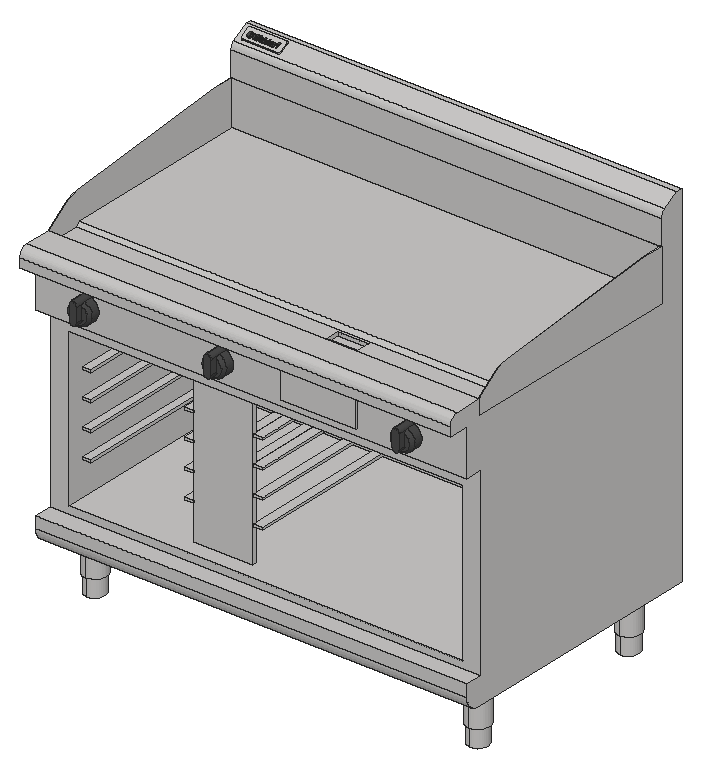
Revit family "QF_MOFFAT WALDORF_GP8120E-CB", category Specialty Equipment, Revit 2012
Parameters
  Width [instance] = 1200.0 mm  # constant formula
  Weight in Pounds = 396.8316  # constant formula
  Watts = 16200 W
  Volts = 415 V
  URL Cutsheet = "www.moffat.com"
  URL = "www.moffat.com"
  Type Mark [instance] = ""
  Status [instance] = ""
  Specification by User [instance] = ""
  Specification by Manufacturer = ""
  Show Logo [instance] = yes
  Show Casters [instance] = no
  Serial Number = ""
  Seismic Rating = ""
  SMACNA No = ""
  Revision Code [instance] = ""
  Phase = 3
  Omniclass Number and Title = ""
  Number of Poles = 1
  NAFEM Spec ID Number = ""
  Model = "GP8120E-CB"
  Min Ckt Ampacity = 0 A
  Max Overcurrent Protection = 0 A
  Masterspec = ""
  Manufacturer = "MOFFAT WALDORF"
  Legs [instance] = not(Show Casters)  # yes
  Item Number [instance] = ""
  Installed By [instance] = ""
  Identify Quantity as Lot [instance] = yes
  Height [instance] = 1130.0 mm  # constant formula
  HP = ""
  Furnished By [instance] = ""
  Foodservice Equipment Identifier [instance] = yes
  FL Amps = 22.5 A
  Elec Conn RI Height = 0.0 mm
  Elec Conn Connection Height = 0.0 mm
  Description = "GRIDDLE PLATE ELECTRIC ON CABINET BASE"
  Depth [instance] = 805.0 mm  # constant formula
  Cycle = 50 Hz
  Conn Plug = ""
  Conn Conduit = yes
  CSI MasterFormat = ""
  CSI Master Format = ""
  Base Height [instance] = 150.0 mm
  Apparent Power = if(Phase = 3, Volts * FL Amps * 1.73, Volts * FL Amps)  # 16153.9 VA
Reference planes
  plane 1 "BACK": y = 0
  plane 2: z = 0
  plane 3 "LEFT": x = 0
  plane 4 "RIGHT": x = 1200
  plane 5 "FRONT": y = -805
  plane 6 "TOP": z = 1130
  plane 7 "Center Y": x = 600
  plane 8 "Center X": y = -402.5
  plane 9 "Base Height": z = 150
  plane 10: x = 65
  plane 11: x = 1134
  plane 12: z = 915
  plane 13: x = 1070
  plane 14: z = 710
Forms (mm)
  Extrusion 1, solid, material "QF_Finishes_Stainless Steel"
    sketch origin (0, 0, 0) x (0, 1, 0) y (0, 0, 1)
      loop
        line (-805, 891) -> (-805, 866) -> (-749, 866) -> (-749, 735) -> (-100, 735) -> (-100, 150) -> (0, 150) -> (0, 1130) -> (-16.5, 1130) -> (-58.709, 1105.631)
        arc (-58.709, 1105.631) -> (-66.975, 1097.365) -> (-70, 1086.074) r 22.582
        line (-70, 1086.074) -> (-70, 875) -> (-705, 875) -> (-705, 915) -> (-781, 915)
        arc (-781, 915) -> (-797.971, 907.971) -> (-805, 891) r 24
      loop
        line (-699, 222.5) -> (-749, 222.5) -> (-749, 188)
        arc (-749, 188) -> (-737.87, 161.13) -> (-711, 150) r 38
        line (-711, 150) -> (-699, 150) -> (-699, 222.5)
    from 0 to 1200
  Revolve 2, solid, material "QF_Finishes_Black"
    sketch origin (150, 0, 529.873) x (0, 1, 0) y (0, 0, -1)
      loop
        line (-782, -299.5) -> (-759, -299.5) -> (-759, -272) -> (-749, -272) -> (-749, -267) -> (-793, -267) -> (-793, -293.651) -> (-782, -299.5)
      axis (-793, -267) -> (-749, -267)
    angle from 0 to 360
  Extrusion 3, solid, material "QF_Finishes_Black"
    sketch origin (288.27, 0, 530.031) x (-1, 0, 0) y (0, 0, -1)
      loop
        arc (148.269, -254.969) -> (138.269, -244.969) -> (128.269, -254.969) r 10
        line (128.269, -254.969) -> (128.269, -293.969)
        arc (128.269, -293.969) -> (138.269, -303.969) -> (148.269, -293.969) r 10
        line (148.269, -293.969) -> (148.269, -254.969)
    from 759 to 808
  Extrusion 4, solid, material "QF_Finishes_Stainless Steel"
    sketch origin (42.8, -749, 866) x (0, 0, -1) y (1, 0, 0)
      loop
        line (26.5, 640) -> (113.5, 640) -> (113.5, 850) -> (26.5, 850) -> (26.5, 640)
    from 0 to 2.5
  Extrusion 5, solid, material "QF_Finishes_Stainless Steel"
    sketch origin (42.8, -751.5, 866) x (0, 0, -1) y (1, 0, 0)
      loop
        line (33.5, 850) -> (26.5, 850) -> (26.5, 640) -> (33.5, 640) -> (33.5, 850)
    from 0 to 5
  Revolve 6, solid, material "QF_Finishes_Black"
    sketch origin (1050, 0, 529.873) x (0, 1, 0) y (0, 0, 1)
      loop
        line (-782, 299.5) -> (-793, 293.651) -> (-793, 267) -> (-749, 267) -> (-749, 272) -> (-759, 272) -> (-759, 299.5) -> (-782, 299.5)
      axis (-793, 267) -> (-749, 267)
    angle from 0 to 360
  Extrusion 7, solid, material "QF_Finishes_Black"
    sketch origin (911.73, 0, 530.031) x (1, 0, 0) y (0, 0, 1)
      loop
        line (148.269, 254.969) -> (148.269, 293.969)
        arc (148.269, 293.969) -> (138.269, 303.969) -> (128.269, 293.969) r 10
        line (128.269, 293.969) -> (128.269, 254.969)
        arc (128.269, 254.969) -> (138.269, 244.969) -> (148.269, 254.969) r 10
    from 759 to 808
  Revolve 8, solid, material "QF_Finishes_Black"
    sketch origin (525, 0, 529.873) x (0, 1, 0) y (0, 0, -1)
      loop
        line (-782, -299.5) -> (-759, -299.5) -> (-759, -272) -> (-749, -272) -> (-749, -267) -> (-793, -267) -> (-793, -293.651) -> (-782, -299.5)
      axis (-793, -267) -> (-749, -267)
    angle from 0 to 360
  Extrusion 9, solid, material "QF_Finishes_Black"
    sketch origin (663.27, 0, 530.031) x (-1, 0, 0) y (0, 0, -1)
      loop
        arc (148.269, -254.969) -> (138.269, -244.969) -> (128.269, -254.969) r 10
        line (128.269, -254.969) -> (128.269, -293.969)
        arc (128.269, -293.969) -> (138.269, -303.969) -> (148.269, -293.969) r 10
        line (148.269, -293.969) -> (148.269, -254.969)
    from 759 to 808
  Revolve 10, solid, material "QF_Finishes_Stainless Steel", visible <- "Legs"
    sketch origin (1133, -210, 0) x (0, 1, 0) y (0, 0, -1)
      loop
        line (78.25, -150) -> (110, -150) -> (110, 0) -> (82.5, 0) -> (82.5, -50) -> (78.25, -50) -> (78.25, -150)
      axis (110, -150) -> (110, 0)
    angle from 0 to 360
  Revolve 11, solid, material "QF_Finishes_Stainless Steel"
    sketch origin (1133, -735, 0) x (0, 1, 0) y (0, 0, -1)
      loop
        line (78.25, -150) -> (110, -150) -> (110, 0) -> (82.5, 0) -> (82.5, -50) -> (78.25, -50) -> (78.25, -150)
      axis (110, -150) -> (110, 0)
    angle from 0 to 360
  Revolve 12, solid, material "QF_Finishes_Stainless Steel", visible <- "Legs"
    sketch origin (65, -210, 0) x (0, 1, 0) y (0, 0, -1)
      loop
        line (78.25, -150) -> (110, -150) -> (110, 0) -> (82.5, 0) -> (82.5, -50) -> (78.25, -50) -> (78.25, -150)
      axis (110, -150) -> (110, 0)
    angle from 0 to 360
  Revolve 13, solid, material "QF_Finishes_Stainless Steel"
    sketch origin (65, -735, 0) x (0, 1, 0) y (0, 0, -1)
      loop
        line (78.25, -150) -> (110, -150) -> (110, 0) -> (82.5, 0) -> (82.5, -50) -> (78.25, -50) -> (78.25, -150)
      axis (110, -150) -> (110, 0)
    angle from 0 to 360
  Extrusion 14, solid, material "QF_Finishes_Stainless Steel"
    sketch origin (0, -100, 735) x (0, 0, 1) y (-1, 0, 0)
      loop
        line (0, 0) -> (-585, 0) -> (-585, -1200) -> (0, -1200) -> (0, 0)
      loop
        line (-55, -50) -> (-492.5, -50) -> (-492.5, -1150) -> (-55, -1150) -> (-55, -50)
    from 0 to 599
  Extrusion 15, solid, material "QF_Finishes_Stainless Steel"
    sketch origin (0, -100, 735) x (0, 0, 1) y (-1, 0, 0)
      loop
        line (-55, -528.5) -> (-55, -362.5) -> (-492.5, -362.5) -> (-492.5, -528.5) -> (-55, -528.5)
    from 543.302 to 553.302
  Extrusion 16, solid, material "QF_Finishes_Stainless Steel"
    sketch origin (0, -100, 735) x (0, 0, 1) y (-1, 0, 0)
      loop
        line (-246.25, -361.875) -> (-239.9, -361.875) -> (-239.9, -336.875) -> (-246.25, -336.875) -> (-246.25, -361.875)
      loop
        line (-321.25, -361.875) -> (-314.9, -361.875) -> (-314.9, -336.875) -> (-321.25, -336.875) -> (-321.25, -361.875)
      loop
        line (-321.25, -50) -> (-321.25, -75) -> (-314.9, -75) -> (-314.9, -50) -> (-321.25, -50)
      loop
        line (-239.9, -75) -> (-239.9, -50) -> (-246.25, -50) -> (-246.25, -75) -> (-239.9, -75)
      loop
        line (-396.25, -361.875) -> (-389.9, -361.875) -> (-389.9, -336.875) -> (-396.25, -336.875) -> (-396.25, -361.875)
      loop
        line (-396.25, -50) -> (-396.25, -75) -> (-389.9, -75) -> (-389.9, -50) -> (-396.25, -50)
      loop
        line (-171.25, -361.875) -> (-164.9, -361.875) -> (-164.9, -336.875) -> (-171.25, -336.875) -> (-171.25, -361.875)
      loop
        line (-164.9, -75) -> (-164.9, -50) -> (-171.25, -50) -> (-171.25, -75) -> (-164.9, -75)
      loop
        line (-246.25, -529.25) -> (-246.25, -554.25) -> (-239.9, -554.25) -> (-239.9, -529.25) -> (-246.25, -529.25)
      loop
        line (-321.25, -529.25) -> (-321.25, -554.25) -> (-314.9, -554.25) -> (-314.9, -529.25) -> (-321.25, -529.25)
      loop
        line (-321.25, -1148.91) -> (-314.9, -1148.91) -> (-314.9, -1123.91) -> (-321.25, -1123.91) -> (-321.25, -1148.91)
      loop
        line (-239.9, -1123.91) -> (-246.25, -1123.91) -> (-246.25, -1148.91) -> (-239.9, -1148.91) -> (-239.9, -1123.91)
      loop
        line (-396.25, -529.25) -> (-396.25, -554.25) -> (-389.9, -554.25) -> (-389.9, -529.25) -> (-396.25, -529.25)
      loop
        line (-396.25, -1148.91) -> (-389.9, -1148.91) -> (-389.9, -1123.91) -> (-396.25, -1123.91) -> (-396.25, -1148.91)
      loop
        line (-171.25, -529.25) -> (-171.25, -554.25) -> (-164.9, -554.25) -> (-164.9, -529.25) -> (-171.25, -529.25)
      loop
        line (-164.9, -1123.91) -> (-171.25, -1123.91) -> (-171.25, -1148.91) -> (-164.9, -1148.91) -> (-164.9, -1123.91)
    from 0 to 553.302
  Extrusion 17, void
    sketch origin (0, 0, 150) x (-1, 0, 0) y (0, -1, 0)
      loop
        line (-1130.622, 87.26) -> (-1130.622, -30.24) -> (-1001.122, -30.24) -> (-1001.122, 38.76) -> (-1049.622, 87.26) -> (-1130.622, 87.26)
    from 72.5 to 585
  Extrusion 18, solid, material "QF_Finishes_Stainless Steel"
    sketch origin (0, 0, 735) x (0, -1, 0) y (-1, 0, 0)
      loop
        circle (38.189, -1070) r 10
    from 0 to 25
Cuts and joins
  Extrusion 17 cuts Extrusion 1
  joined: Extrusion 1, Extrusion 14
Lines and regions (mm)
  Split face 1
    outline origin (49.063, -19.748, 1128.125) x (0, -0.866025, -0.5) y (1, 0, 0)
      loop
        line (1.427, 105.5) -> (35.836, 105.5) -> (35.836, 125.5) -> (1.427, 125.5) -> (1.427, 105.5)
  Split face 2
    outline origin (99.063, -19.748, 1128.125) x (0, -0.866025, -0.5) y (1, 0, 0)
      loop
        line (1.427, 105.5) -> (35.836, 105.5) -> (35.836, 125.5) -> (1.427, 125.5) -> (1.427, 105.5)
  Split face 3
    outline origin (149.062, -19.748, 1128.125) x (0, -0.866025, -0.5) y (1, 0, 0)
      loop
        line (1.427, 105.5) -> (35.836, 105.5) -> (35.836, 125.5) -> (1.427, 125.5) -> (1.427, 105.5)
  Split face 4
    outline origin (199.063, -19.748, 1128.125) x (0, -0.866025, -0.5) y (1, 0, 0)
      loop
        line (1.427, 105.5) -> (35.836, 105.5) -> (35.836, 125.5) -> (1.427, 125.5) -> (1.427, 105.5)
  Split face 5
    outline origin (249.063, -19.748, 1128.125) x (0, -0.866025, -0.5) y (1, 0, 0)
      loop
        line (1.427, 105.5) -> (35.836, 105.5) -> (35.836, 125.5) -> (1.427, 125.5) -> (1.427, 105.5)
  Split face 6
    outline origin (299.063, -19.748, 1128.125) x (0, -0.866025, -0.5) y (1, 0, 0)
      loop
        line (1.427, 105.5) -> (35.836, 105.5) -> (35.836, 125.5) -> (1.427, 125.5) -> (1.427, 105.5)
  Split face 7
    outline origin (51.563, -19.748, 1128.125) x (0, -0.866025, -0.5) y (1, 0, 0)
      loop
        line (1.427, 405.5) -> (35.836, 405.5) -> (35.836, 425.5) -> (1.427, 425.5) -> (1.427, 405.5)
  Split face 8
    outline origin (101.562, -19.748, 1128.125) x (0, -0.866025, -0.5) y (1, 0, 0)
      loop
        line (1.427, 405.5) -> (35.836, 405.5) -> (35.836, 425.5) -> (1.427, 425.5) -> (1.427, 405.5)
  Split face 9
    outline origin (151.562, -19.748, 1128.125) x (0, -0.866025, -0.5) y (1, 0, 0)
      loop
        line (1.427, 405.5) -> (35.836, 405.5) -> (35.836, 425.5) -> (1.427, 425.5) -> (1.427, 405.5)
  Split face 10
    outline origin (201.562, -19.748, 1128.125) x (0, -0.866025, -0.5) y (1, 0, 0)
      loop
        line (1.427, 405.5) -> (35.836, 405.5) -> (35.836, 425.5) -> (1.427, 425.5) -> (1.427, 405.5)
  Split face 11
    outline origin (251.562, -19.748, 1128.125) x (0, -0.866025, -0.5) y (1, 0, 0)
      loop
        line (1.427, 405.5) -> (35.836, 405.5) -> (35.836, 425.5) -> (1.427, 425.5) -> (1.427, 405.5)
  Split face 12
    outline origin (301.562, -19.748, 1128.125) x (0, -0.866025, -0.5) y (1, 0, 0)
      loop
        line (1.427, 405.5) -> (35.836, 405.5) -> (35.836, 425.5) -> (1.427, 425.5) -> (1.427, 405.5)
  Split face 13
    outline origin (351.562, -19.748, 1128.125) x (0, -0.866025, -0.5) y (1, 0, 0)
      loop
        line (1.427, 405.5) -> (35.836, 405.5) -> (35.836, 425.5) -> (1.427, 425.5) -> (1.427, 405.5)
  Split face 14
    outline origin (402.31, -19.748, 1128.125) x (0, -0.866025, -0.5) y (1, 0, 0)
      loop
        line (1.427, 405.5) -> (35.836, 405.5) -> (35.836, 425.5) -> (1.427, 425.5) -> (1.427, 405.5)
  Split face 15
    outline origin (452.31, -19.748, 1128.125) x (0, -0.866025, -0.5) y (1, 0, 0)
      loop
        line (1.427, 405.5) -> (35.836, 405.5) -> (35.836, 425.5) -> (1.427, 425.5) -> (1.427, 405.5)
  symbolic lines, visible <- "Show Logo"
    curve 1: line (12.5, -52.06, 0) -> (12.5, -21.099, 0)
    curve 2: line (121.5, -21.099, 0) -> (121.5, -52.06, 0)
    curve 3: line (12.5, -21.099, 0) -> (121.5, -21.099, 0)
    curve 4: line (12.5, -52.06, 0) -> (121.5, -52.06, 0)
  symbolic lines
    curve 5: line (154.563, -50.782, 0) -> (154.563, -20.984, 0)
    curve 6: line (154.563, -20.984, 0) -> (174.562, -20.984, 0)
    curve 7: line (174.562, -20.984, 0) -> (174.562, -50.782, 0)
    curve 8: line (174.562, -50.782, 0) -> (154.563, -50.782, 0)
    curve 9: line (204.563, -20.984, 0) -> (204.563, -50.782, 0)
    curve 10: line (204.563, -50.782, 0) -> (224.562, -50.782, 0)
    curve 11: line (224.562, -50.782, 0) -> (224.562, -20.984, 0)
    curve 12: line (224.562, -20.984, 0) -> (204.563, -20.984, 0)
    curve 13: line (254.563, -20.984, 0) -> (254.563, -50.782, 0)
    curve 14: line (254.563, -50.782, 0) -> (274.562, -50.782, 0)
    curve 15: line (274.562, -50.782, 0) -> (274.562, -20.984, 0)
    curve 16: line (274.562, -20.984, 0) -> (254.563, -20.984, 0)
    curve 17: line (0, -805, 0) -> (1200, -805, 0)
    curve 18: line (0, 0, 0) -> (0, -805, 0)
    curve 19: line (1200, 0, 0) -> (0, 0, 0)
    curve 20: line (0, -70, 0) -> (1200, -70, 0)
    curve 21: line (1200, -705, 0) -> (0, -705, 0)
    curve 22: line (304.563, -20.984, 0) -> (304.563, -50.782, 0)
    curve 23: line (304.563, -50.782, 0) -> (324.562, -50.782, 0)
    curve 24: line (324.562, -50.782, 0) -> (324.562, -20.984, 0)
    curve 25: line (324.562, -20.984, 0) -> (304.563, -20.984, 0)
    curve 26: line (354.563, -20.984, 0) -> (354.563, -50.782, 0)
    curve 27: line (354.563, -50.782, 0) -> (374.562, -50.782, 0)
    curve 28: line (374.562, -50.782, 0) -> (374.562, -20.984, 0)
    curve 29: line (374.562, -20.984, 0) -> (354.563, -20.984, 0)
    curve 30: line (404.563, -20.984, 0) -> (404.563, -50.782, 0)
    curve 31: line (404.563, -50.782, 0) -> (424.562, -50.782, 0)
    curve 32: line (424.562, -50.782, 0) -> (424.562, -20.984, 0)
    curve 33: line (424.562, -20.984, 0) -> (404.563, -20.984, 0)
    curve 34: line (457.063, -20.984, 0) -> (457.063, -50.782, 0)
    curve 35: line (457.063, -50.782, 0) -> (477.063, -50.782, 0)
    curve 36: line (477.063, -50.782, 0) -> (477.063, -20.984, 0)
    curve 37: line (477.063, -20.984, 0) -> (457.063, -20.984, 0)
    curve 38: line (507.063, -20.984, 0) -> (507.063, -50.782, 0)
    curve 39: line (507.063, -50.782, 0) -> (527.063, -50.782, 0)
    curve 40: line (527.063, -50.782, 0) -> (527.063, -20.984, 0)
    curve 41: line (527.063, -20.984, 0) -> (507.063, -20.984, 0)
    curve 42: line (557.063, -50.782, 0) -> (577.063, -50.782, 0)
    curve 43: line (577.063, -50.782, 0) -> (577.063, -20.984, 0)
    curve 44: line (577.063, -20.984, 0) -> (557.063, -20.984, 0)
    curve 45: line (557.063, -20.984, 0) -> (557.063, -50.782, 0)
    curve 46: line (607.063, -50.782, 0) -> (627.063, -50.782, 0)
    curve 47: line (627.063, -50.782, 0) -> (627.063, -20.984, 0)
    curve 48: line (627.063, -20.984, 0) -> (607.063, -20.984, 0)
    curve 49: line (607.063, -20.984, 0) -> (607.063, -50.782, 0)
    curve 50: line (677.063, -50.782, 0) -> (657.063, -50.782, 0)
    curve 51: line (657.063, -50.782, 0) -> (657.063, -20.984, 0)
    curve 52: line (657.063, -20.984, 0) -> (677.063, -20.984, 0)
    curve 53: line (677.063, -20.984, 0) -> (677.063, -50.782, 0)
    curve 54: line (707.063, -50.782, 0) -> (727.063, -50.782, 0)
    curve 55: line (727.063, -50.782, 0) -> (727.063, -20.984, 0)
    curve 56: line (727.063, -20.984, 0) -> (707.063, -20.984, 0)
    curve 57: line (707.063, -20.984, 0) -> (707.063, -50.782, 0)
    curve 58: line (757.063, -50.782, 0) -> (777.063, -50.782, 0)
    curve 59: line (777.063, -50.782, 0) -> (777.063, -20.984, 0)
    curve 60: line (777.063, -20.984, 0) -> (757.063, -20.984, 0)
    curve 61: line (757.063, -20.984, 0) -> (757.063, -50.782, 0)
    curve 62: line (807.81, -50.782, 0) -> (827.81, -50.782, 0)
    curve 63: line (827.81, -50.782, 0) -> (827.81, -20.984, 0)
    curve 64: line (827.81, -20.984, 0) -> (807.81, -20.984, 0)
    curve 65: line (807.81, -20.984, 0) -> (807.81, -50.782, 0)
    curve 66: line (857.81, -50.782, 0) -> (877.81, -50.782, 0)
    curve 67: line (877.81, -50.782, 0) -> (877.81, -20.984, 0)
    curve 68: line (877.81, -20.984, 0) -> (857.81, -20.984, 0)
    curve 69: line (857.81, -20.984, 0) -> (857.81, -50.782, 0)
    curve 70: line (1200, -805, 0) -> (1200, 0, 0)
Dimensions and locks
  equal spacing: plane 3 "LEFT", plane 7 "Center Y", plane 4 "RIGHT"
  "Width": plane 3 "LEFT" to plane 4 "RIGHT"
  equal spacing: plane 5 "FRONT", plane 8 "Center X", plane 1 "BACK"
  "Depth": plane 5 "FRONT" to plane 1 "BACK"
  "Base Height": plane 9 "Base Height" to level
  "Height": plane 6 "TOP" to level
  plane 11 to plane 10 = 1069.0 mm
  plane 12 to level = 915.0 mm
  plane 13 to plane 4 "RIGHT" = 130.0 mm
  plane 14 to level = 710.0 mm
  aligned and locked: level to plane 2
Automatic sketch dimensions
  curve 17 to plane 3 "LEFT" = 0.0 mm
  plane 1 "BACK" to curve 19 = 0.0 mm
  curve 19 to plane 4 "RIGHT" = 0.0 mm
  plane 5 "FRONT" to curve 17 = 0.0 mm
  plane 3 "LEFT" to curve 1 = 12.5 mm
  plane 10 to curve 4 = 56.5 mm
  curve 2 to curve 6 = 33.062 mm
  curve 5 to curve 8 = 20.0 mm
  curve 6 to curve 12 = 30.0 mm
  curve 9 to curve 10 = 20.0 mm
  curve 11 to curve 16 = 30.0 mm
  curve 13 to curve 15 = 20.0 mm
  curve 15 to curve 22 = 30.0 mm
  curve 22 to curve 24 = 20.0 mm
  curve 23 to curve 26 = 30.0 mm
  curve 26 to curve 27 = 20.0 mm
  curve 27 to curve 30 = 30.0 mm
  curve 30 to curve 32 = 20.0 mm
  curve 31 to curve 34 = 32.5 mm
  curve 34 to curve 35 = 20.0 mm
  curve 36 to curve 38 = 30.0 mm
  curve 38 to curve 41 = 20.0 mm
  curve 39 to curve 42 = 30.0 mm
  curve 44 to curve 43 = 20.0 mm
  plane 7 "Center Y" to curve 48 = 7.063 mm
  curve 46 to curve 46 = 20.0 mm
  curve 47 to curve 52 = 30.0 mm
  curve 51 to curve 53 = 20.0 mm
  curve 50 to curve 54 = 30.0 mm
  curve 56 to curve 56 = 20.0 mm
  curve 55 to curve 61 = 30.0 mm
  curve 58 to curve 58 = 20.0 mm
  curve 58 to curve 62 = 30.748 mm
  curve 62 to curve 62 = 20.0 mm
  curve 63 to curve 68 = 30.0 mm
  curve 66 to curve 66 = 20.0 mm
  curve 21 to plane 5 "FRONT" = 100.0 mm
  curve 20 to curve 19 = 70.0 mm
  plane 1 "BACK" to curve 2 = 52.06 mm
  plane 1 "BACK" to curve 7 = 50.782 mm
  plane 1 "BACK" to curve 59 = 50.782 mm
  curve 7 to curve 9 = 0.0 mm
  curve 57 to curve 58 = 0.0 mm
  curve 10 to curve 13 = 0.0 mm
  curve 53 to curve 54 = 0.0 mm
  curve 58 to curve 62 = 0.0 mm
  curve 62 to curve 66 = 0.0 mm
  curve 49 to curve 50 = 0.0 mm
  curve 14 to curve 22 = 0.0 mm
  curve 45 to curve 46 = 0.0 mm
  curve 23 to curve 26 = 0.0 mm
  curve 40 to curve 42 = 0.0 mm
  curve 27 to curve 30 = 0.0 mm
  curve 36 to curve 38 = 0.0 mm
  plane 1 "BACK" to curve 2 = 21.099 mm
  plane 1 "BACK" to curve 33 = 20.984 mm
  plane 1 "BACK" to curve 40 = 20.984 mm
  plane 1 "BACK" to curve 29 = 20.984 mm
  plane 1 "BACK" to curve 43 = 20.984 mm
  plane 1 "BACK" to curve 25 = 20.984 mm
  plane 1 "BACK" to curve 47 = 20.984 mm
  plane 1 "BACK" to curve 69 = 20.984 mm
  plane 1 "BACK" to curve 52 = 20.984 mm
  plane 1 "BACK" to curve 16 = 20.984 mm
  plane 1 "BACK" to curve 55 = 20.984 mm
  plane 1 "BACK" to curve 12 = 20.984 mm
  plane 1 "BACK" to curve 59 = 20.984 mm
  plane 1 "BACK" to curve 7 = 20.984 mm
  plane 1 "BACK" to curve 63 = 20.984 mm
  plane 1 "BACK" to curve 37 = 20.984 mm
  Revolve 2 sketch curve to plane 5 "FRONT" = 12.0 mm
  Revolve 2 sketch curve to Revolve 2 sketch curve = 0.0 mm  (x2)
  Revolve 2 sketch curve to Revolve 2 sketch curve = 11.0 mm
  Revolve 2 sketch curve to Revolve 2 sketch curve = 12.7 mm
  Revolve 2 sketch curve to Revolve 2 sketch curve = 23.0 mm
  Revolve 2 sketch curve to Revolve 2 sketch curve = 10.0 mm
  Revolve 2 sketch curve to plane 6 "TOP" = 300.627 mm
  Revolve 2 sketch curve to Revolve 2 sketch curve = 5.849 mm
  Revolve 2 sketch curve to Revolve 2 sketch curve = 27.5 mm
  Revolve 2 sketch curve to Revolve 2 sketch curve = 5.0 mm
  plane 10 to Extrusion 3 sketch curve = 95.001 mm
  Extrusion 3 sketch curve to Extrusion 3 sketch curve = 10.0 mm
  Extrusion 3 sketch curve to plane 6 "TOP" = 306.0 mm
  Extrusion 3 sketch curve to Extrusion 3 sketch curve = 39.0 mm
  Extrusion 1 to Split face 1 sketch curve = 5.177 mm
  Split face 1 sketch curve to Extrusion 1 = 9.153 mm
  Split face 1 sketch curve to Extrusion 1 = 154.563 mm
  Split face 1 sketch curve to Split face 1 sketch curve = 20.0 mm
  Extrusion 1 to Split face 2 sketch curve = 5.177 mm
  Split face 2 sketch curve to Extrusion 1 = 9.153 mm
  Split face 2 sketch curve to Extrusion 1 = 204.563 mm
  Split face 2 sketch curve to Split face 2 sketch curve = 20.0 mm
  Extrusion 1 to Split face 3 sketch curve = 5.177 mm
  Split face 3 sketch curve to Extrusion 1 = 9.153 mm
  Split face 3 sketch curve to Extrusion 1 = 254.563 mm
  Split face 3 sketch curve to Split face 3 sketch curve = 20.0 mm
  Extrusion 1 to Extrusion 4 sketch curve = 26.5 mm
  Extrusion 4 sketch curve to Extrusion 1 = 17.5 mm
  Extrusion 1 to Extrusion 4 sketch curve = 517.2 mm
  Extrusion 4 sketch curve to Extrusion 4 sketch curve = 210.0 mm
  Extrusion 5 sketch curve to Extrusion 4 = 0.0 mm  (x2)
  Extrusion 4 to Extrusion 5 sketch curve = 0.0 mm
  Extrusion 5 sketch curve to Extrusion 5 sketch curve = 7.0 mm
  Extrusion 1 to Split face 4 sketch curve = 5.177 mm
  Split face 4 sketch curve to Extrusion 1 = 9.153 mm
  Split face 4 sketch curve to Extrusion 1 = 304.563 mm
  Split face 4 sketch curve to Split face 4 sketch curve = 20.0 mm
  Extrusion 1 to Split face 5 sketch curve = 5.177 mm
  Split face 5 sketch curve to Extrusion 1 = 9.153 mm
  Split face 5 sketch curve to Extrusion 1 = 354.563 mm
  Split face 5 sketch curve to Split face 5 sketch curve = 20.0 mm
  Extrusion 1 to Split face 6 sketch curve = 5.177 mm
  Split face 6 sketch curve to Extrusion 1 = 9.153 mm
  Split face 6 sketch curve to Extrusion 1 = 404.563 mm
  Split face 6 sketch curve to Split face 6 sketch curve = 20.0 mm
  Extrusion 1 to Split face 7 sketch curve = 5.177 mm
  Split face 7 sketch curve to Extrusion 1 = 9.153 mm
  Split face 7 sketch curve to Extrusion 1 = 457.063 mm
  Split face 7 sketch curve to Split face 7 sketch curve = 20.0 mm
  Extrusion 1 to Split face 8 sketch curve = 5.177 mm
  Split face 8 sketch curve to Extrusion 1 = 9.153 mm
  Split face 8 sketch curve to Extrusion 1 = 507.063 mm
  Split face 8 sketch curve to Split face 8 sketch curve = 20.0 mm
  Extrusion 1 to Split face 9 sketch curve = 5.177 mm
  Split face 9 sketch curve to Extrusion 1 = 9.153 mm
  Split face 9 sketch curve to Extrusion 1 = 557.063 mm
  Split face 9 sketch curve to Split face 9 sketch curve = 20.0 mm
  Extrusion 1 to Split face 10 sketch curve = 5.177 mm
  Split face 10 sketch curve to Extrusion 1 = 9.153 mm
  Split face 10 sketch curve to Extrusion 1 = 592.937 mm
  Split face 10 sketch curve to Split face 10 sketch curve = 20.0 mm
  Extrusion 1 to Split face 11 sketch curve = 5.177 mm
  Split face 11 sketch curve to Extrusion 1 = 9.153 mm
  Split face 11 sketch curve to Extrusion 1 = 542.937 mm
  Split face 11 sketch curve to Split face 11 sketch curve = 20.0 mm
  Revolve 6 sketch curve to plane 5 "FRONT" = 12.0 mm
  Revolve 6 sketch curve to Revolve 6 sketch curve = 0.0 mm  (x2)
  Revolve 6 sketch curve to Revolve 6 sketch curve = 11.0 mm
  Revolve 6 sketch curve to Revolve 6 sketch curve = 12.7 mm
  Revolve 6 sketch curve to Revolve 6 sketch curve = 23.0 mm
  Revolve 6 sketch curve to Revolve 6 sketch curve = 10.0 mm
  Revolve 6 sketch curve to plane 6 "TOP" = 333.127 mm
  Revolve 6 sketch curve to Revolve 6 sketch curve = 5.0 mm
  Revolve 6 sketch curve to Revolve 6 sketch curve = 26.651 mm
  Revolve 6 sketch curve to Revolve 6 sketch curve = 5.849 mm
  plane 11 to Extrusion 7 sketch curve = 94.001 mm
  Extrusion 7 sketch curve to Extrusion 7 sketch curve = 10.0 mm
  Extrusion 7 sketch curve to plane 6 "TOP" = 345.0 mm
  Extrusion 7 sketch curve to Extrusion 7 sketch curve = 39.0 mm
  Revolve 8 sketch curve to plane 5 "FRONT" = 12.0 mm
  Revolve 8 sketch curve to Revolve 8 sketch curve = 0.0 mm  (x2)
  Revolve 8 sketch curve to Revolve 8 sketch curve = 11.0 mm
  Revolve 8 sketch curve to Revolve 8 sketch curve = 12.7 mm
  Revolve 8 sketch curve to Revolve 8 sketch curve = 23.0 mm
  Revolve 8 sketch curve to Revolve 8 sketch curve = 10.0 mm
  Revolve 8 sketch curve to plane 6 "TOP" = 300.627 mm
  Revolve 8 sketch curve to Revolve 8 sketch curve = 5.849 mm
  Revolve 8 sketch curve to Revolve 8 sketch curve = 27.5 mm
  Revolve 8 sketch curve to Revolve 8 sketch curve = 5.0 mm
  Extrusion 9 sketch curve to plane 7 "Center Y" = 64.999 mm
  Extrusion 9 sketch curve to Extrusion 9 sketch curve = 10.0 mm
  Extrusion 9 sketch curve to plane 6 "TOP" = 306.0 mm
  Extrusion 9 sketch curve to Extrusion 9 sketch curve = 39.0 mm
  Extrusion 1 to Split face 12 sketch curve = 5.177 mm
  Split face 12 sketch curve to Extrusion 1 = 9.153 mm
  Split face 12 sketch curve to Extrusion 1 = 492.937 mm
  Split face 12 sketch curve to Split face 12 sketch curve = 20.0 mm
  Extrusion 1 to Split face 13 sketch curve = 5.177 mm
  Split face 13 sketch curve to Extrusion 1 = 9.153 mm
  Split face 13 sketch curve to Extrusion 1 = 442.937 mm
  Split face 13 sketch curve to Split face 13 sketch curve = 20.0 mm
  Extrusion 1 to Split face 14 sketch curve = 5.177 mm
  Split face 14 sketch curve to Extrusion 1 = 9.153 mm
  Split face 14 sketch curve to Extrusion 1 = 392.19 mm
  Split face 14 sketch curve to Split face 14 sketch curve = 20.0 mm
  Extrusion 1 to Split face 15 sketch curve = 5.177 mm
  Split face 15 sketch curve to Extrusion 1 = 9.153 mm
  Split face 15 sketch curve to Extrusion 1 = 342.19 mm
  Split face 15 sketch curve to Split face 15 sketch curve = 20.0 mm
  Revolve 10 sketch curve to plane 9 "Base Height" = 0.0 mm
  Revolve 10 sketch curve to level = 0.0 mm
  level to Revolve 10 sketch curve = 50.0 mm
  plane 1 "BACK" to Revolve 10 sketch curve = 131.75 mm
  Revolve 10 sketch curve to Revolve 10 sketch curve = 4.25 mm
  Revolve 10 sketch curve to Revolve 10 sketch curve = 27.5 mm  (x2)
  Revolve 10 sketch curve to Revolve 10 sketch curve = 0.0 mm
  Revolve 10 sketch curve to Revolve 10 sketch curve = 55.0 mm
  Revolve 11 sketch curve to plane 9 "Base Height" = 0.0 mm
  Revolve 11 sketch curve to level = 0.0 mm
  level to Revolve 11 sketch curve = 50.0 mm
  Revolve 11 sketch curve to plane 5 "FRONT" = 148.25 mm
  Revolve 11 sketch curve to Revolve 11 sketch curve = 4.25 mm
  Revolve 11 sketch curve to Revolve 11 sketch curve = 27.5 mm  (x2)
  Revolve 11 sketch curve to Revolve 11 sketch curve = 0.0 mm
  Revolve 11 sketch curve to Revolve 11 sketch curve = 55.0 mm
  Revolve 12 sketch curve to plane 9 "Base Height" = 0.0 mm
  Revolve 12 sketch curve to level = 0.0 mm
  level to Revolve 12 sketch curve = 50.0 mm
  plane 1 "BACK" to Revolve 12 sketch curve = 131.75 mm
  Revolve 12 sketch curve to Revolve 12 sketch curve = 4.25 mm
  Revolve 12 sketch curve to Revolve 12 sketch curve = 27.5 mm  (x2)
  Revolve 12 sketch curve to Revolve 12 sketch curve = 0.0 mm
  Revolve 12 sketch curve to Revolve 12 sketch curve = 55.0 mm
  Revolve 13 sketch curve to plane 9 "Base Height" = 0.0 mm
  Revolve 13 sketch curve to level = 0.0 mm
  level to Revolve 13 sketch curve = 50.0 mm
  Revolve 13 sketch curve to plane 5 "FRONT" = 148.25 mm
  Revolve 13 sketch curve to Revolve 13 sketch curve = 4.25 mm
  Revolve 13 sketch curve to Revolve 13 sketch curve = 27.5 mm  (x2)
  Revolve 13 sketch curve to Revolve 13 sketch curve = 0.0 mm
  Revolve 13 sketch curve to Revolve 13 sketch curve = 55.0 mm
  Extrusion 1 sketch curve to plane 5 "FRONT" = 0.0 mm
  Extrusion 1 sketch curve to plane 12 = 0.0 mm
  Extrusion 1 sketch curve to plane 6 "TOP" = 0.0 mm
  plane 1 "BACK" to Extrusion 1 sketch curve = 699.0 mm
  Extrusion 1 sketch curve to plane 5 "FRONT" = 24.0 mm
  plane 14 to Extrusion 1 sketch curve = 25.0 mm
  Extrusion 1 sketch curve to plane 5 "FRONT" = 56.0 mm
  Extrusion 1 sketch curve to Extrusion 1 sketch curve = 38.0 mm
  Extrusion 1 sketch curve to Extrusion 1 sketch curve = 44.0 mm
  Extrusion 1 sketch curve to Extrusion 1 sketch curve = 12.0 mm
  plane 1 "BACK" to Extrusion 1 sketch curve = 100.0 mm
  plane 1 "BACK" to Extrusion 1 sketch curve = 70.0 mm
  Extrusion 1 sketch curve to plane 6 "TOP" = 24.369 mm
  Extrusion 1 sketch curve to Extrusion 1 sketch curve = 11.291 mm  (x2)
  Extrusion 1 sketch curve to Extrusion 1 sketch curve = 16.5 mm
  Extrusion 1 sketch curve to plane 9 "Base Height" = 0.0 mm  (x2)
  plane 9 "Base Height" to Extrusion 1 sketch curve = 72.5 mm
  Extrusion 1 sketch curve to Extrusion 1 sketch curve = 25.0 mm
  Extrusion 1 sketch curve to plane 12 = 40.0 mm
  Extrusion 1 sketch curve to plane 1 "BACK" = 0.0 mm
  Extrusion 1 to Extrusion 14 sketch curve = 0.0 mm
  Extrusion 14 sketch curve to Extrusion 1 = 0.0 mm  (x3)
  Extrusion 14 sketch curve to Extrusion 1 = 92.5 mm
  Extrusion 1 to Extrusion 14 sketch curve = 50.0 mm  (x2)
  Extrusion 1 to Extrusion 14 sketch curve = 55.0 mm
  Extrusion 15 sketch curve to Extrusion 1 = 92.5 mm
  Extrusion 1 to Extrusion 15 sketch curve = 55.0 mm
  Extrusion 1 to Extrusion 15 sketch curve = 528.5 mm
  Extrusion 15 sketch curve to Extrusion 15 sketch curve = 166.0 mm
  Extrusion 1 to Extrusion 16 sketch curve = 75.0 mm  (x2)
  Extrusion 16 sketch curve to Extrusion 1 = 188.75 mm  (x3)
  Extrusion 16 sketch curve to Extrusion 16 sketch curve = 0.0 mm  (x9)
  Extrusion 1 to Extrusion 16 sketch curve = 51.09 mm  (x4)
  Extrusion 16 sketch curve to Extrusion 16 sketch curve = 6.35 mm  (x16)
  Extrusion 16 sketch curve to Extrusion 16 sketch curve = 68.65 mm  (x12)
  Extrusion 16 sketch curve to Extrusion 16 sketch curve = 25.0 mm  (x16)
  Extrusion 16 sketch curve to Extrusion 16 sketch curve = 479.25 mm
  Extrusion 16 sketch curve to Extrusion 16 sketch curve = 167.375 mm
  plane 11 to Extrusion 17 sketch curve = 3.378 mm
  plane 13 to Extrusion 17 sketch curve = 20.378 mm
  Extrusion 17 sketch curve to Extrusion 17 sketch curve = 48.5 mm  (x2)
  Extrusion 17 sketch curve to plane 1 "BACK" = 30.24 mm
  plane 1 "BACK" to Extrusion 17 sketch curve = 38.76 mm
  Extrusion 17 to Extrusion 18 sketch curve = 49.071 mm
  Extrusion 17 to Extrusion 18 sketch curve = 60.622 mm
  radius of Extrusion 18 sketch curve = 10.0 mm
Nested families
  nested 1: "GAS GRIDDLE PLATE" at (0, -70, 875), type "GAS GRIDDLE PLATE"
    with Type Mark "", Status "", Specification by User "", Show Clearance yes, Revision Code "", Number of Poles 1, Mechanical Remarks "", Mechanical Connection Type "", Item Number "", Installed By "", Identify Quantity as Lot yes, Gas RI Height 0.0 mm, Gas KW 0, Gas Input 0.0 Btu/h, Furnished By "", Foodservice Equipment Identifier yes, Electrical Remarks "", Electric Connection Type "", Elec Conn RI Height 0.0 mm, Elec Conn Connection Height 0.0 mm
  nested 2: "GP8120E-CB-CASTERS" at (65, -127.5, 0), Show Casters <- "Show Casters", visible <- "Show Casters", type "GP8120E-CB-CASTERS"
    with Type Mark "", Status "", Specification by User "", Show Casters no, Revision Code "", Item Number "", Installed By "", Identify Quantity as Lot yes, Furnished By "", Foodservice Equipment Identifier yes
  nested 3: "GP8120E-CB-CASTERS" at (1134, -127.5, 0), Show Casters <- "Show Casters", visible <- "Show Casters", type "GP8120E-CB-CASTERS"
    with Type Mark "", Status "", Specification by User "", Show Casters no, Revision Code "", Item Number "", Installed By "", Identify Quantity as Lot yes, Furnished By "", Foodservice Equipment Identifier yes
  nested 4: "WALDORF LOGO_FACE BASE" at (12.239, -22.258, 1126.676) x (1, 0, 0) z (0, -0.5, 0.866), visible <- "Show Logo", type "WALDORF LOGO_FACE BASE", detail levels medium+fine
    with Show Logo yes
Connectors
  electrical at (1070, -38.189, 710)
    settings: on Extrusion 18, index 1, voltage 0 V, apparent load 0 VA, apparent load phase1 0 VA, apparent load phase2 0 VA, apparent load phase3 0 VA, power factor 1, load classification "Other", number of poles 1, system type 31, power factor state 1, is connector primary yes, connector utility no, sub classification motor no, connector description ""
Definition of nested family "GAS GRIDDLE PLATE"
  Parameters (values of type "GAS GRIDDLE PLATE")
    Weight in Pounds = 0
    Watts = 0 W
    Volts = 0 V
    URL Cutsheet = ""
    Type Mark [instance] = ""
    Status [instance] = ""
    Specification by User [instance] = ""
    Specification by Manufacturer = ""
    Show Clearance [instance] = yes
    Serial Number = ""
    Seismic Rating = ""
    SMACNA No = ""
    Revision Code [instance] = ""
    Phase = 1
    Omniclass Number and Title = ""
    Number of Poles [instance] = 1
    NAFEM Spec ID Number = ""
    Min Ckt Ampacity = 0 A
    Mechanical Remarks [instance] = ""
    Mechanical Connection Type [instance] = ""
    Max Overcurrent Protection = 0 A
    Masterspec = ""
    Item Number [instance] = ""
    Installed By [instance] = ""
    Identify Quantity as Lot [instance] = yes
    HP = ""
    Gas Size = 0"
    Gas RI Height [instance] = 0.0 mm
    Gas KW [instance] = 0
    Gas Input [instance] = 0.0 Btu/h
    Gas Connection Height = 0.0 mm
    Furnished By [instance] = ""
    Foodservice Equipment Identifier [instance] = yes
    FL Amps = 0 A
    Electrical Remarks [instance] = ""
    Electric Connection Type [instance] = ""
    Elec Conn RI Height [instance] = 0.0 mm
    Elec Conn Connection Height [instance] = 0.0 mm
    Cycle = 0 Hz
    Conn Plug = ""
    Conn Conduit = yes
    CSI MasterFormat = ""
    CSI Master Format = ""
    Apparent Power = if(Phase = 3, Volts * FL Amps * 1.73, Volts * FL Amps)  # 0 VA
  Reference planes
    plane 1 "BACK": y = 0
    plane 2: z = 0
    plane 3 "LEFT": x = 0
    plane 4 "RIGHT": x = 1200
    plane 5 "FRONT": y = -634.4
    plane 6 "TOP": z = 142.5
    plane 7 "Center Y": x = 600
    plane 8 "Center X": y = -317.2
  Forms (mm)
    Extrusion 1, solid, material "QF_Finishes_Stainless Steel"
      sketch origin (0, 70.003, -875) x (0, 1, 0) y (0, 0, 1)
        loop
          line (-70, 875) -> (-70, 1017.5) -> (-126.948, 1017.5) -> (-604.433, 971.523)
          arc (-604.433, 971.523) -> (-629.46, 965.803) -> (-652.206, 953.899) r 100
          line (-652.206, 953.899) -> (-704.403, 917.35) -> (-704.403, 875) -> (-70, 875)
      from 0 to 1.8
    Extrusion 2, solid, material "QF_Finishes_Stainless Steel"
      sketch origin (150, 70.003, -875) x (0, 1, 0) y (0, 0, 1)
        loop
          line (-70, 895) -> (-601, 895) -> (-611.5, 884.5) -> (-704.403, 884.5) -> (-704.403, 875) -> (-70, 875) -> (-70, 895)
      from -148.2 to 1048.2
    Extrusion 3, void
      sketch origin (450, -541.497, 9.5) x (0, -1, 0) y (1, 0, 0)
        loop
          line (10, 375.2) -> (10, 289.7) -> (48.5, 289.7) -> (48.5, 375.2) -> (10, 375.2)
      from -41.4 to 40.142
    Extrusion 4, solid, material "QF_Finishes_Stainless Steel"
      sketch origin (150, 0.003, 211.074) x (0, 0, -1) y (1, 0, 0)
        loop
          line (68.574, -148.2) -> (191.074, -148.2) -> (191.074, 1048.2) -> (68.574, 1048.2) -> (68.574, -148.2)
      from 0 to 1.683
    Extrusion 5, solid, material "QF_Finishes_Stainless Steel"
      sketch origin (1200, 70.003, -875) x (0, 1, 0) y (0, 0, -1)
        loop
          line (-70, -875) -> (-704.403, -875) -> (-704.403, -917.35) -> (-652.206, -953.899)
          arc (-652.206, -953.899) -> (-629.46, -965.803) -> (-604.433, -971.523) r 100
          line (-604.433, -971.523) -> (-126.948, -1017.5) -> (-70, -1017.5) -> (-70, -875)
      from 0 to 1.8
  Cuts and joins
    Extrusion 3 cuts Extrusion 2
  Lines and regions (mm)
    symbolic lines
      curve 1: line (1198.8, -530.997, 0) -> (1.8, -530.997, 0)
      curve 2: line (1.8, -541.497, 0) -> (1198.8, -541.497, 0)
      curve 3: line (739.7, -551.497, 0) -> (739.7, -589.997, 0)
      curve 4: line (739.7, -589.997, 0) -> (825.2, -589.997, 0)
      curve 5: line (825.2, -589.997, 0) -> (825.2, -551.497, 0)
      curve 6: line (825.2, -551.497, 0) -> (739.7, -551.497, 0)
      curve 7: line (1.8, -1.68, 0) -> (1198.8, -1.68, 0)
      curve 8: line (1198.8, -1.68, 0) -> (1198.8, -634.4, 0)
      curve 9: line (1.8, -634.4, 0) -> (1.8, -1.68, 0)
      curve 10: line (1.8, -634.4, 0) -> (1198.8, -634.4, 0)
  Dimensions and locks
    equal spacing: plane 3 "LEFT", plane 7 "Center Y", plane 4 "RIGHT"
    plane 3 "LEFT" to plane 4 "RIGHT" = 1200.0 mm
    equal spacing: plane 5 "FRONT", plane 8 "Center X", plane 1 "BACK"
    plane 5 "FRONT" to plane 1 "BACK" = 634.4 mm
    aligned and locked: level to plane 2
  Automatic sketch dimensions
    plane 5 "FRONT" to curve 10 = 0.0 mm
    plane 3 "LEFT" to curve 10 = 1.8 mm
    curve 4 to plane 5 "FRONT" = 44.403 mm
    plane 7 "Center Y" to curve 4 = 139.7 mm
    curve 3 to curve 5 = 85.5 mm
    plane 4 "RIGHT" to curve 8 = 1.2 mm
    curve 3 to curve 3 = 38.5 mm
    curve 2 to plane 5 "FRONT" = 92.903 mm
    curve 2 to curve 1 = 10.5 mm
    plane 1 "BACK" to curve 9 = 1.68 mm
    Extrusion 1 sketch curve to level = 0.0 mm
    Extrusion 1 sketch curve to plane 5 "FRONT" = 0.0 mm
    Extrusion 1 sketch curve to plane 6 "TOP" = 0.0 mm
    Extrusion 1 sketch curve to plane 5 "FRONT" = 52.197 mm
    Extrusion 1 sketch curve to Extrusion 1 sketch curve = 47.773 mm
    Extrusion 1 sketch curve to level = 3.016 mm
    Extrusion 1 sketch curve to Extrusion 1 sketch curve = 9.585 mm
    plane 1 "BACK" to Extrusion 1 sketch curve = 56.945 mm
    Extrusion 1 sketch curve to plane 1 "BACK" = 0.003 mm
    level to Extrusion 1 sketch curve = 42.35 mm
    Extrusion 1 sketch curve to plane 6 "TOP" = 63.601 mm
    Extrusion 2 sketch curve to level = 0.0 mm
    Extrusion 2 sketch curve to plane 5 "FRONT" = 0.0 mm
    level to Extrusion 2 sketch curve = 9.5 mm
    Extrusion 2 sketch curve to Extrusion 2 sketch curve = 92.903 mm
    Extrusion 2 sketch curve to Extrusion 2 sketch curve = 10.5 mm  (x2)
    Extrusion 2 sketch curve to plane 1 "BACK" = 0.003 mm
    Extrusion 2 to Extrusion 3 sketch curve = 10.0 mm
    Extrusion 3 sketch curve to Extrusion 3 sketch curve = 38.5 mm
    Extrusion 2 to Extrusion 3 sketch curve = 737.9 mm
    Extrusion 3 sketch curve to Extrusion 3 sketch curve = 85.5 mm
    Extrusion 4 sketch curve to plane 6 "TOP" = 0.0 mm
    level to Extrusion 4 sketch curve = 20.0 mm
    plane 3 "LEFT" to Extrusion 4 sketch curve = 1.8 mm
    plane 4 "RIGHT" to Extrusion 4 sketch curve = 1.8 mm
    Extrusion 5 sketch curve to level = 0.0 mm
    Extrusion 5 sketch curve to plane 5 "FRONT" = 0.0 mm
    Extrusion 5 sketch curve to plane 6 "TOP" = 0.0 mm
    Extrusion 5 sketch curve to plane 5 "FRONT" = 52.197 mm
    Extrusion 5 sketch curve to Extrusion 5 sketch curve = 47.773 mm
    Extrusion 5 sketch curve to level = 3.016 mm
    Extrusion 5 sketch curve to Extrusion 5 sketch curve = 57.358 mm
    plane 1 "BACK" to Extrusion 5 sketch curve = 56.945 mm
    Extrusion 5 sketch curve to plane 1 "BACK" = 0.003 mm
    Extrusion 5 sketch curve to plane 6 "TOP" = 45.977 mm
    level to Extrusion 5 sketch curve = 42.35 mm
Definition of nested family "WALDORF LOGO_FACE BASE"
  Parameters (values of type "WALDORF LOGO_FACE BASE")
    Show Logo [instance] = yes
    Default Elevation = 1219.2 mm
  Reference planes
    plane 1 "Center (Front/Back)": y = 0
    plane 2: z = 0
    plane 3 "Center (Left/Right)": x = 0
  Forms (mm)
    Extrusion 1, solid
      sketch origin (0, 0, 0) x (1, 0, 0) y (0, 1, 0)
        loop
          line (-1219.2, 1219.2) -> (-1219.2, -1219.2) -> (1219.2, -1219.2) -> (1219.2, 1219.2) -> (-1219.2, 1219.2)
      from 0 to -304.8
    Extrusion 2, solid, material "QF_Finishes_Stainless Steel", visible <- "Show Logo"
      sketch origin (0, -33.217, 0) x (1, 0, 0) y (0, 1, 0)
        loop
          arc (5, 34.14) -> (1.464, 32.676) -> (0, 29.14) r 5
          line (0, 29.14) -> (0, 5)
          arc (0, 5) -> (1.464, 1.464) -> (5, 0) r 5
          line (5, 0) -> (104, 0)
          arc (104, 0) -> (107.536, 1.464) -> (109, 5) r 5
          line (109, 5) -> (109, 29.14)
          arc (109, 29.14) -> (107.536, 32.676) -> (104, 34.14) r 5
          line (104, 34.14) -> (5, 34.14)
      from 0 to 1.588
    Extrusion 3, solid, material "QF_Finishes_Black", visible <- "Show Logo"
      sketch origin (0, -33.217, 1.588) x (1, 0, 0) y (0, 1, 0)
        loop
          line (24.772, 23.214) -> (27.992, 10.301) -> (31.551, 10.301) -> (33.443, 17.364) -> (35.205, 10.301) -> (39.332, 10.301) -> (42.077, 23.214) -> (38.352, 23.214) -> (36.676, 15.33) -> (35, 23.214) -> (31.752, 23.214) -> (30.076, 15.33) -> (28.4, 23.214) -> (24.772, 23.214)
        loop
          line (42.272, 17.055) -> (45.703, 17.055)
          spline (45.703, 17.055) -> (45.741, 17.285) -> (45.852, 17.499) -> (46.028, 17.682) -> (46.258, 17.823) -> (46.526, 17.912) -> (46.813, 17.942) -> (47.1, 17.912) -> (47.368, 17.823) -> (47.597, 17.682) -> (47.774, 17.499) -> (47.884, 17.285) -> (47.922, 17.055)
          line (47.922, 17.055) -> (47.922, 16.222)
          arc (47.922, 16.222) -> (45.742, 16.014) -> (43.665, 15.317) r 9.604
          arc (43.665, 15.317) -> (41.924, 12.809) -> (43.665, 10.301) r 2.677
          arc (43.665, 10.301) -> (45.527, 10.353) -> (47.332, 10.816) r 8.365
          line (47.332, 10.816) -> (48.092, 11.105) -> (48.092, 10.301) -> (51.817, 10.301) -> (51.817, 17.055)
          spline (51.817, 17.055) -> (51.654, 17.821) -> (51.178, 18.535) -> (50.419, 19.148) -> (49.431, 19.619) -> (48.28, 19.914) -> (47.044, 20.015) -> (45.809, 19.914) -> (44.658, 19.619) -> (43.67, 19.148) -> (42.911, 18.535) -> (42.434, 17.821) -> (42.272, 17.055)
        loop
          line (53.151, 23.214) -> (53.151, 10.301) -> (57.37, 10.301) -> (57.37, 23.214) -> (53.151, 23.214)
        loop
          line (64.874, 23.214) -> (64.874, 18.857)
          arc (64.874, 18.857) -> (58.083, 15.11) -> (64.874, 11.363) r 4.429
          line (64.874, 11.363) -> (64.874, 10.301) -> (68.378, 10.301) -> (68.378, 23.214) -> (64.874, 23.214)
        loop
          arc (64.874, 16.083) -> (61.41, 14.987) -> (64.874, 13.891) r 1.905
          line (64.874, 13.891) -> (64.874, 16.083)
        loop
          circle (74.623, 15.223) r 5
        loop
          spline (74.623, 17.856) -> (74.355, 17.766) -> (74.105, 17.503) -> (73.891, 17.084) -> (73.726, 16.539) -> (73.623, 15.904) -> (73.588, 15.223) -> (73.623, 14.541) -> (73.726, 13.906) -> (73.891, 13.361) -> (74.105, 12.942) -> (74.355, 12.679) -> (74.623, 12.59)
          spline (74.623, 12.59) -> (74.891, 12.679) -> (75.141, 12.942) -> (75.355, 13.361) -> (75.52, 13.906) -> (75.623, 14.541) -> (75.659, 15.223) -> (75.623, 15.904) -> (75.52, 16.539) -> (75.355, 17.084) -> (75.141, 17.503) -> (74.891, 17.766) -> (74.623, 17.856)
        loop
          line (81.255, 19.813) -> (81.255, 10.301) -> (84.834, 10.301) -> (84.834, 14.176)
          arc (84.834, 14.176) -> (85.854, 16.093) -> (88.013, 16.32) r 2.313
          line (88.013, 16.32) -> (88.013, 19.813) -> (87.161, 19.813)
          arc (87.161, 19.813) -> (85.526, 19.266) -> (84.549, 17.844) r 2.717
          line (84.549, 17.844) -> (84.549, 19.813) -> (81.255, 19.813)
        loop
          line (90.249, 19.813) -> (88.91, 19.813) -> (88.91, 17.614) -> (90.249, 17.614) -> (90.249, 10.301) -> (93.998, 10.301) -> (93.998, 17.614) -> (95.418, 17.614) -> (95.418, 19.813) -> (93.998, 19.813)
          arc (93.998, 19.813) -> (94.414, 20.817) -> (95.418, 21.233) r 1.42
          line (95.418, 21.233) -> (95.418, 23.602) -> (93.317, 23.602)
          arc (93.317, 23.602) -> (91.343, 22.903) -> (90.249, 21.118) r 3.137
          line (90.249, 21.118) -> (90.249, 19.813)
        loop
          arc (15.241, 23.571) -> (8.392, 16.525) -> (15.241, 9.479) r 7.049
          line (15.241, 9.479) -> (15.241, 23.571)
        loop
          line (15.641, 23.571) -> (15.641, 9.479)
          arc (15.641, 9.479) -> (22.49, 16.525) -> (15.641, 23.571) r 7.049
        loop
          arc (47.922, 14.711) -> (46.266, 13.749) -> (47.922, 12.787) r 1.107
          line (47.922, 12.787) -> (47.922, 14.711)
      from 0 to 0.2
  Dimensions and locks
    aligned and locked: plane 2 to Extrusion 1
    aligned and locked: level to Extrusion 1
Definition of nested family "GP8120E-CB-CASTERS"
  Parameters (values of type "BT8600-LS-CASTERS")
    Weight = ""
    URL Manufacturer = ""
    URL Cutsheet = ""
    URL = ""
    Type Mark [instance] = ""
    Status [instance] = ""
    Specification by User [instance] = ""
    Specification by Manufacturer = ""
    Show Casters [instance] = no
    Serial Number = ""
    Seismic Rating = ""
    SMACNA No = ""
    Revision Code [instance] = ""
    Omniclass Number and Title = ""
    NAFEM Spec ID Number = ""
    Model = ""
    MasterSpec. = ""
    Manufacturer = ""
    Item Number [instance] = ""
    Installed By [instance] = ""
    Identify Quantity as Lot [instance] = yes
    Furnished By [instance] = ""
    Foodservice Equipment Identifier [instance] = yes
    Description = ""
    CSI MasterFormat = ""
    CSI Master Format = ""
    Assembly Code = ""
  Reference planes
    plane 1: z = 0
    plane 2 "RIGHT": x = 0
    plane 3 "FRONT": y = 0
    plane 4 "Base Height": z = 150
  Forms (mm)
    Revolve 1, solid, material "QF_Finishes_Stainless Steel", visible <- "Show Casters"
      sketch origin (0, 56.335, 0) x (0, 1, 0) y (0, 0, 1)
        loop
          line (-56.335, 152.4) -> (-56.335, 141.118) -> (-23.798, 141.118) -> (-23.798, 152.4) -> (-56.335, 152.4)
        axis (-56.335, 141.118) -> (-56.335, 152.4)
      angle from 0 to 360
    Extrusion 2, solid, material "QF_Finishes_Stainless Steel", visible <- "Show Casters"
      sketch origin (-46.049, 56.335, 0) x (0, 1, 0) y (0, 0, 1)
        loop
          line (-85.799, 141.118) -> (-85.799, 133.498) -> (-82.136, 133.498)
          arc (-82.136, 133.498) -> (-79.344, 132.328) -> (-77.146, 130.248) r 8.432
          line (-77.146, 130.248) -> (-39.502, 49.52)
          arc (-39.502, 49.52) -> (-13.784, 46.107) -> (-5.673, 70.75) r 20.32
          arc (-5.673, 70.75) -> (-7.065, 73.611) -> (-8.887, 76.22) r 20.32
          arc (-8.887, 76.22) -> (-9.399, 85.377) -> (-6.626, 94.119) r 25.4
          line (-6.626, 94.119) -> (8.003, 121.632)
          arc (8.003, 121.632) -> (-2.347, 126.31) -> (-13.34, 129.167) r 66.802
          line (-13.34, 129.167) -> (-13.765, 133.498) -> (-26.871, 133.498) -> (-26.871, 141.118) -> (-85.799, 141.118)
      from 20.058 to 22.923
    Extrusion 3, solid, material "QF_Finishes_Stainless Steel", visible <- "Show Casters"
      sketch origin (3.326, 56.335, 0) x (0, 1, 0) y (0, 0, 1)
        loop
          line (-85.799, 141.118) -> (-85.799, 133.498) -> (-82.136, 133.498)
          arc (-82.136, 133.498) -> (-79.344, 132.328) -> (-77.146, 130.248) r 8.432
          line (-77.146, 130.248) -> (-39.502, 49.52)
          arc (-39.502, 49.52) -> (-13.784, 46.107) -> (-5.673, 70.75) r 20.32
          arc (-5.673, 70.75) -> (-7.065, 73.611) -> (-8.887, 76.22) r 20.32
          arc (-8.887, 76.22) -> (-9.399, 85.377) -> (-6.626, 94.119) r 25.4
          line (-6.626, 94.119) -> (8.003, 121.632)
          arc (8.003, 121.632) -> (-2.347, 126.31) -> (-13.34, 129.167) r 66.802
          line (-13.34, 129.167) -> (-13.765, 133.498) -> (-26.871, 133.498) -> (-26.871, 141.118) -> (-85.799, 141.118)
      from 20.058 to 22.923
    Extrusion 4, solid, material "QF_Finishes_Stainless Steel", visible <- "Show Casters"
      sketch origin (-49.224, 56.335, 0) x (0, 1, 0) y (0, 0, 1)
        loop
          line (-85.799, 141.118) -> (-85.799, 133.498) -> (-82.136, 133.498) -> (-18.877, 127.964) -> (7.14, 120.01) -> (8.003, 121.632)
          arc (8.003, 121.632) -> (-2.347, 126.31) -> (-13.34, 129.167) r 66.802
          line (-13.34, 129.167) -> (-13.765, 133.498) -> (-26.871, 133.498) -> (-26.871, 141.118) -> (-85.799, 141.118)
      from 26.098 to 72.56
    Revolve 5, solid, material "QF_Finishes_Stainless Steel", visible <- "Show Casters"
      sketch origin (-49.224, 30.821, 0) x (1, 0, 0) y (0, 0, 1)
        loop
          line (14.841, 63.604) -> (83.584, 63.604) -> (83.584, 67.109) -> (82.314, 68.379) -> (80.79, 68.379) -> (80.79, 71.826) -> (68.644, 71.826) -> (68.644, 81.79) -> (65.088, 83.843) -> (61.683, 104.879) -> (65.881, 104.879) -> (65.881, 111.229) -> (65.088, 111.229) -> (65.088, 117.579)
          arc (65.088, 117.579) -> (62.298, 124.314) -> (55.563, 127.104) r 9.525
          line (55.563, 127.104) -> (42.863, 127.104)
          arc (42.863, 127.104) -> (36.127, 124.314) -> (33.338, 117.579) r 9.525
          line (33.338, 117.579) -> (33.338, 111.229) -> (32.544, 111.229) -> (32.544, 104.879) -> (36.742, 104.879) -> (33.352, 83.932) -> (29.782, 81.871) -> (29.782, 71.826) -> (17.635, 71.826) -> (17.635, 68.379) -> (16.111, 68.379) -> (14.841, 67.109) -> (14.841, 63.604)
        axis (14.841, 63.604) -> (83.584, 63.604)
      angle from 0 to 360
  Cuts and joins
    joined: Extrusion 2, Extrusion 3, Extrusion 4
  Lines and regions (mm)
    symbolic lines, style "SpecialityEquipmentHiddenLines", visible <- "Show Casters"
      curve 1: line (18.009, 67.053, 0) -> (45.595, 51.127, 0)
      curve 2: line (-45.491, -42.932, 0) -> (18.009, 67.053, 0)
      curve 3: line (-17.905, -58.859, 0) -> (-45.491, -42.932, 0)
      curve 4: line (45.595, 51.127, 0) -> (-17.905, -58.859, 0)
  Dimensions and locks
    plane 4 "Base Height" to level = 150.0 mm  (x2)
    Revolve 5 sketch curve to Revolve 5 sketch curve = 63.5 mm
    aligned and locked: level to plane 1
